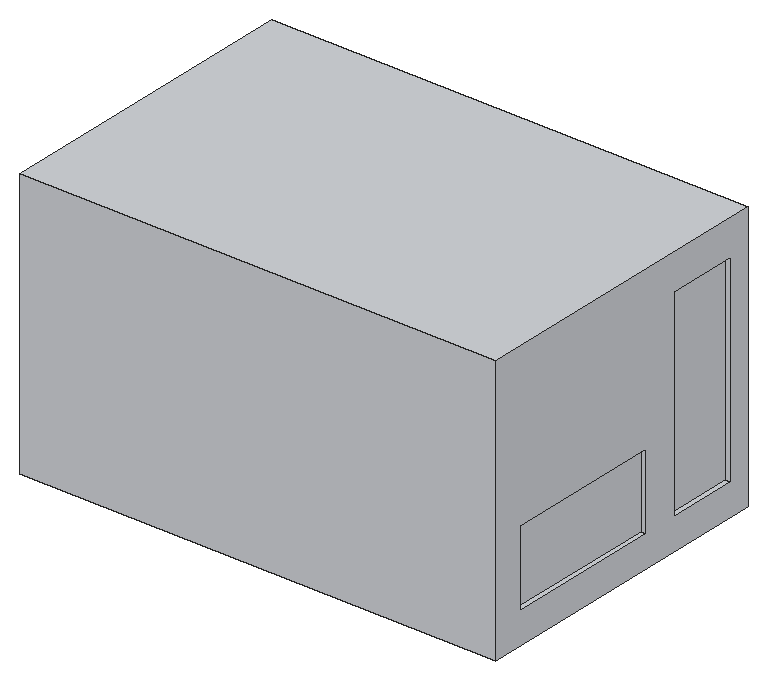
Revit family "M_Unidades AC da cobertura - 11-44 kW - Conexão lateral", category Equipamento mecânico, Revit 2019
Family settings
  Cota do conector redondo = Utilizar diâmetro
  Tipo de parte = Normal
  Número OmniClass = 23.75.10.24.21.27.14
  Título OmniClass = Packaged Rooftop Air Conditioning Units
  ID de item do Seek = Rooftop AC Unit - 11-44 kW - Side Connection-0000-CAN-ENU
  Com base no plano de trabalho = Não
  Sempre na vertical = Sim
  Corte com vazios quando carregada = Não
  Compartilhado = Não
  Ponto de cálculo do ambiente = Não
Parameters (values of type "44 kW")
  Voltagem [instance] = 460 V  # constant formula
  LarguradaUnidade = 2219.3 mm
  AlturadaUnidade = 1252.5 mm
  ProfundidadedaUnidade = 1466.9 mm
  Símbolos de fornecimento/retorno [instance] = yes
  FormadaPart = "Duto retangular"
  Número de pólos [instance] = 3
  Fluxo mínimo = 3750
  Fluxo máximo = 6250
  Model = ""
  DeslocamentodoFornecimentoZ = 146.1 mm
  DeslocamentodoFornecimentoY = 138.1 mm
  LarguradeFornecimento = 736.6 mm
  AlturadoFornecimento = 355.6 mm
  DeslocamentodoRetornoZ = 146.1 mm
  DeslocamentodoRetornoY = 101.6 mm
  LarguradoRetorno = 330.2 mm
  AlturadoRetorno = 939.8 mm
  Classificação de carga = Refrigeração
  Pressão estática externa [instance] = 49.77 Pa
  DeslocamentodaConexão = 25.4 mm
  Assembly Code = ""
  Carga aparente [instance] = 11100 VA
  Fluxo de ar - Fornecimento [instance] = 2359.74 L/s
  Fluxo de ar - Retorno [instance] = 2359.74 L/s
Types (8, lengths in mm): name | LarguradaUnidade | AlturadaUnidade | ProfundidadedaUnidade | Fluxo mínimo | Fluxo máximo | LarguradeFornecimento | AlturadoFornecimento | DeslocamentodoRetornoY | LarguradoRetorno | AlturadoRetorno | Pressão estática externa | Carga aparente | Fluxo de ar - Fornecimento | Fluxo de ar - Retorno
  14 kW | 1871.7 | 846.1 | 1143 | 1200 | 2000 | 457.2 | 304.8 | 103.2 | 279.4 | 660.4 | 174.19 Pa | 5000 VA | 755.12 L/s | 755.12 L/s
  11 kW | 1871.7 | 846.1 | 1143 | 900 | 1500 | 457.2 | 304.8 | 103.2 | 279.4 | 660.4 | 144.33 Pa | 3000 VA | 566.34 L/s | 566.34 L/s
  26 kW | 2219.3 | 1049.3 | 1466.9 | 2250 | 3750 | 736.6 | 355.6 | 101.6 | 330.2 | 863.6 | 99.54 Pa | 7700 VA | 1415.84 L/s | 1415.84 L/s
  30 kW | 2219.3 | 1049.3 | 1466.9 | 2550 | 4250 | 736.6 | 355.6 | 101.6 | 330.2 | 863.6 | 49.77 Pa | 9100 VA | 1604.62 L/s | 1604.62 L/s
  35 kW | 2219.3 | 1252.5 | 1466.9 | 3000 | 5000 | 736.6 | 355.6 | 101.6 | 330.2 | 939.8 | 49.77 Pa | 9200 VA | 1887.79 L/s | 1887.79 L/s
  44 kW | 2219.3 | 1252.5 | 1466.9 | 3750 | 6250 | 736.6 | 355.6 | 101.6 | 330.2 | 939.8 | 49.77 Pa | 11100 VA | 2359.74 L/s | 2359.74 L/s
  18 kW | 1871.7 | 846.1 | 1143 | 1500 | 2500 | 457.2 | 304.8 | 103.2 | 279.4 | 660.4 | 116.95 Pa | 5200 VA | 943.89 L/s | 943.89 L/s
  21 kW | 1871.7 | 1049.3 | 1143 | 1800 | 3000 | 457.2 | 304.8 | 103.2 | 279.4 | 660.4 | 99.54 Pa | 6000 VA | 1132.67 L/s | 1132.67 L/s
Reference planes
  plane 1 "Centro (Frente/Trás)": y = 0
  plane 2: z = 0
  plane 3 "Centro (Esquerda/Direita)": x = 0
  plane 4 "Conexão inferior": z = 25.4
  plane 5 "Conexão lateral": x = -25.4
Forms (mm)
  Extrusion 1, solid
    sketch origin (0, 0, 274.737) x (0, -1, 0) y (1, 0, 0)
      loop
        line (0, 0) -> (-1466.9, 0) -> (-1466.9, -2219.3) -> (0, -2219.3) -> (0, 0)
    from -274.737 to 977.763
  Extrusion 2, void
    sketch origin (0, 0, 0) x (0, 1, 0) y (0, 0, 1)
      loop
        line (1035.1, 1085.9) -> (1035.1, 146.1) -> (1365.3, 146.1) -> (1365.3, 1085.9) -> (1035.1, 1085.9)
    from 0 to -25.4
  Extrusion 3, void
    sketch origin (0, 0, 0) x (0, 1, 0) y (0, 0, 1)
      loop
        line (138.1, 501.7) -> (138.1, 146.1) -> (874.7, 146.1) -> (874.7, 501.7) -> (138.1, 501.7)
    from 0 to -25.4
Cuts and joins
  Extrusion 2, Extrusion 3 cuts Extrusion 1
Lines and regions (mm)
  symbolic lines, visible <- "Símbolos de fornecimento/retorno"
    curve 1: line (-25.4, 874.7, 501.7) -> (-25.4, 138.1, 501.7)
    curve 2: line (-25.4, 874.7, 146.1) -> (-25.4, 874.7, 501.7)
    curve 3: line (-25.4, 138.1, 146.1) -> (-25.4, 874.7, 146.1)
    curve 4: line (-25.4, 138.1, 501.7) -> (-25.4, 138.1, 146.1)
    curve 5: line (-25.4, 874.7, 501.7) -> (-25.4, 138.1, 146.1)
    curve 6: line (-25.4, 138.1, 501.7) -> (-25.4, 874.7, 146.1)
    curve 7: line (-25.4, 1365.3, 1085.9) -> (-25.4, 1035.1, 1085.9)
    curve 8: line (-25.4, 1365.3, 146.1) -> (-25.4, 1365.3, 1085.9)
    curve 9: line (-25.4, 1035.1, 146.1) -> (-25.4, 1365.3, 146.1)
    curve 10: line (-25.4, 1035.1, 1085.9) -> (-25.4, 1035.1, 146.1)
    curve 11: line (-25.4, 1365.3, 1085.9) -> (-25.4, 1035.1, 146.1)
Dimensions and locks
  "LarguradaUnidade": Extrusion 1 sketch curve to plane 3 "Centro (Esquerda/Direita)"
  "ProfundidadedaUnidade": plane 1 "Centro (Frente/Trás)" to Extrusion 1 sketch curve
  "AlturadaUnidade": cut or joined group of Extrusion 1, Extrusion 2, Extrusion 3 to cut or joined group of Extrusion 1, Extrusion 2, Extrusion 3
  "DeslocamentodoRetornoY": Extrusion 2 sketch curve to cut or joined group of Extrusion 1, Extrusion 2, Extrusion 3
  "LarguradoRetorno": Extrusion 2 sketch curve to Extrusion 2 sketch curve
  "AlturadoRetorno": Extrusion 2 sketch curve to Extrusion 2 sketch curve
  "DeslocamentodoRetornoZ": Extrusion 2 sketch curve to plane 2
  "DeslocamentodoFornecimentoZ": Extrusion 3 sketch curve to plane 2
  "AlturadoFornecimento": Extrusion 3 sketch curve to Extrusion 3 sketch curve
  "DeslocamentodoFornecimentoY": plane 1 "Centro (Frente/Trás)" to Extrusion 3 sketch curve
  "LarguradeFornecimento": Extrusion 3 sketch curve to Extrusion 3 sketch curve
  "DeslocamentodaConexão": plane 4 "Conexão inferior" to level
  "DeslocamentodaConexão": plane 3 "Centro (Esquerda/Direita)" to plane 5 "Conexão lateral"
  aligned and locked: plane 3 "Centro (Esquerda/Direita)" to Extrusion 1 sketch curve
  aligned and locked: plane 1 "Centro (Frente/Trás)" to Extrusion 1 sketch curve
  aligned and locked: Extrusion 1 to level
  aligned and locked: curve 1 to cut or joined group of Extrusion 1, Extrusion 2, Extrusion 3
  aligned and locked: curve 2 to cut or joined group of Extrusion 1, Extrusion 2, Extrusion 3
  aligned and locked: curve 3 to cut or joined group of Extrusion 1, Extrusion 2, Extrusion 3
  aligned and locked: curve 4 to cut or joined group of Extrusion 1, Extrusion 2, Extrusion 3
  aligned and locked: curve 7 to cut or joined group of Extrusion 1, Extrusion 2, Extrusion 3
  aligned and locked: curve 8 to cut or joined group of Extrusion 1, Extrusion 2, Extrusion 3
  aligned and locked: curve 9 to cut or joined group of Extrusion 1, Extrusion 2, Extrusion 3
  aligned and locked: curve 10 to cut or joined group of Extrusion 1, Extrusion 2, Extrusion 3
Connectors
  hvac at (-25.4, 506.4, 323.9), driven by "AlturadoFornecimento", driven by "LarguradeFornecimento", driven by "Fluxo de ar - Fornecimento"
    settings: on cut or joined group of Extrusion 1, Extrusion 2, Extrusion 3, index 0, duct flow 2359.74 L/s, flow factor 0, pres drop 0.0 Pa, loss coef 0, conn angle 0.00°, conn width 736.6 mm, conn height 355.6 mm, conn diameter 609.6 mm, duct sys type 1, conn prof type 1, flow config 0, flow direction 2, loss method 0, conn ref index 1, conn util no, is conn primary yes, conn desc ""
  hvac at (-25.4, 1200.2, 616), driven by "AlturadoRetorno", driven by "LarguradoRetorno", driven by "Fluxo de ar - Retorno"
    settings: on cut or joined group of Extrusion 1, Extrusion 2, Extrusion 3, index 1, duct flow 2359.74 L/s, flow factor 0, pres drop 0.0 Pa, loss coef 0, conn angle 0.00°, conn width 330.2 mm, conn height 939.8 mm, conn diameter 609.6 mm, duct sys type 2, conn prof type 1, flow config 0, flow direction 1, loss method 0, conn ref index 0, conn util no, is conn primary no, conn desc ""
  electrical at (-2219.3, 733.45, 626.25), driven by "Carga aparente", driven by "Número de pólos", driven by "Voltagem", driven by "Classificação de carga"
    settings: on cut or joined group of Extrusion 1, Extrusion 2, Extrusion 3, index 2, voltage 460 V, apparent load 11100 VA, apparent load phase1 11100 VA, apparent load phase2 0 VA, apparent load phase3 0 VA, power factor 0.8, load classification "Refrigeração", number of poles 3, system type 30, power factor state 1, is connector primary yes, connector utility no, sub classification motor no, connector description ""
